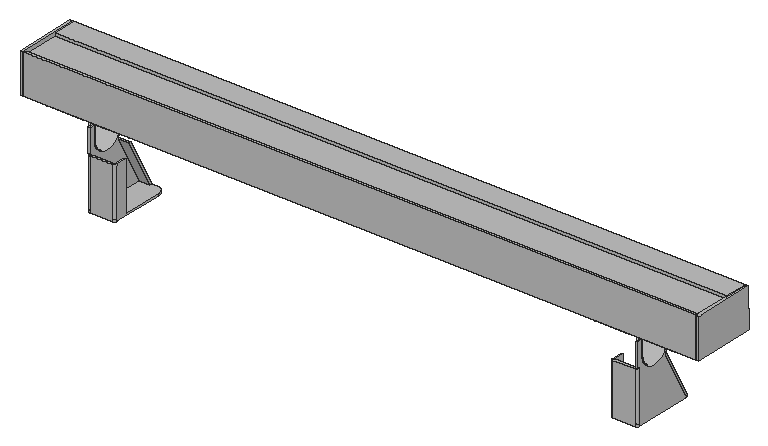
Revit family "4070750+4070747+4070771 Feilo Sylvania Lighting Fixtures CURSUS 591MM 365LM WIDE LED 3K with SINGLE WALL HOUSING with 70MM WALL BRACKET", category Lighting Fixtures, host Face, Revit 2017
Family settings
  Host = Face
  Round Connector Dimension = Use Diameter
  Part Type = Normal
  OmniClass Number = 23.80.70.14
  OmniClass Title = Luminaries for External Lighting
  Cut with Voids When Loaded = Yes
  Light Source = No
  Shared = No
  Room Calculation Point = No
Parameters (values of type "4070750 CURSUS 591MM 365LM WIDE LED 3K")
  Weight = "1.2 kg"
  Wattage Comments = "n/a"
  WarrantyStartDate [instance] = "n/a"
  WarrantyGuarantorParts = "n/a"
  WarrantyDurationUnit = "n/a"
  WarrantyDurationParts = "n/a"
  WarrantyDescription = "n/a"
  Voltage = 24 V
  URL = "http://www.sylvania-lighting.com"
  TypeName = "CURSUS 591MM 365LM WIDE LED 3K"
  TypeFixture_FEILO = CURSUS with SINGLE WALL HOUSING : CURSUS 591MM 365LM WIDE LED 3K
  Type Image = <None>
  Type Comments = "n/a"
  TiltAngle [instance] = 0.00°
  StartAngle [instance] = TiltAngle + 270.00°  # 270.00°
  SerialNumber [instance] = "n/a"
  ReflectorMaterial = none
  PowerFactor = 0
  PowerConsumption = "9 W"
  NominalLength = 591 mm
  NominalHeight = 50 mm
  NominalDepth = 30 mm
  Name = "CURSUS 591MM 365LM WIDE LED 3K"
  ModelReference = Name  # "CURSUS 591MM 365LM WIDE LED 3K"
  ModelNumber = "4070750"
  Model = Name  # "CURSUS 591MM 365LM WIDE LED 3K"
  Material = "natural anodised extruded aluminium structure housing"
  ManufacturerName = "Feilo Sylvania"
  Manufacturer = "Feilo Sylvania"
  LuminousEfficacy = "40.55 lm/W"
  LuminaireType = ""
  LightOutputRatio = "100"
  LampsType = Lamp  # "LED"
  LampNominalLuminous = "365 lm"
  LampMacAdamStep = "n/a"
  LampColourTemperature = "3000 K"
  LampColourRenderingIndex = "80"
  Lamp = "LED"
  Keynote = "16500"
  InstallationDate [instance] = "n/a"
  InputVoltage = "24V DC"
  InputNominalFrequency = "n/a"
  IngressProtection = "IP67"
  ImpactProtectionIndex = "IK07"
  IfcExportType = "IfcLightFixtureType"
  IfcExportAs = "IfcLightFixtureType"
  ExpectedLife = 50000
  EndAngle [instance] = StartAngle - 180.00°  # 90.00°
  ElectricShockClassification = "Class III"
  DurationUnit = "hours"
  DocumentationLiterature = "http://www.sylvania-lighting.com/product/en-int/products/4070750"
  DimmingControlOptions = "n/a"
  DiffuserMaterial = Diffuser-Sylvania-Glow
  Description = "LED Exterior Lighting Recessed Surface Mounted Linear Fixture, Natural anodised extruded aluminium structure. Die-cast aluminium end caps. Installation kit with harmonic steel springs., 365 lm, 9W, 40lm/W, 3000K, CRI80+,non dimmable,IP67, IK07, (HxWxD) 591x50x30mm, 3 step Mac Adam Ellipse, 1.2kg,, Classe III, 21-25V-DC, energy class : A++, A+, A"
  Default Elevation = 1219.2 mm
  CreatedOn = "1/8/2018"
  CreatedBy = ""
  Cost = 0
  built-in parameter 1114216 [instance] = (empty or 0)
  ClassificationValue = "EF_70_80"
  ClassificationName = "Uniclass2015"
  BracketWidth = 24 mm
  BracketThickness = 2 mm
  BracketHeightEnd = 32 mm
  BracketHeight = 55 mm
  BracketFlange = BracketHeight / 5  # 11 mm
  BracketExtension = 70 mm
  BracketEndReduction = 25 mm
  BracketC = 22 mm  # constant formula
  BracketDistance = 460 mm
  BracketD = BracketHeightEnd - (BracketC * (BracketHeight - BracketHeightEnd) / (BracketExtension - BracketEndReduction))  # 20.756 mm
  BodyMaterial = Body-Sylvania-Gray
  BarCode [instance] = "n/a"
  AssetType = "Fixed"
  AssetIdentifier [instance] = "n/a"
  Assembly Code = "D5020200"
  Apparent Load = 9 VA
  AccessoryMaterial = Diffuser-Sylvania-Glow
Reference planes
  plane 1 "Center (Front/Back)": y = 0
  plane 2: z = 0
  plane 3 "Center (Left/Right)": x = 0
  plane 4: x = -242
  plane 5: x = 242
  plane 6: y = 55
  plane 7: x = -218
  plane 8: x = 218
  plane 9: z = 70
  plane 10: z = 56
  plane 11: z = 2
  plane 12: z = 45
  plane 13: x = -240
  plane 14: y = 53
  plane 15: y = 2
  plane 16: x = -220
  plane 17: x = 220
  plane 18: x = 240
  plane 19: x = -230
  plane 20: x = 230
  plane 21: y = 11
  plane 22: y = 32
  plane 23: y = 30
  plane 24: z = 67
  plane 25: y = 20.756
  plane 26: y = 16
Forms (mm)
  Blend 1, solid, material "Body-Sylvania-Gray" <- "BodyMaterial"
    base sketch origin (1223.4, -4572, 2) x (0, -1, 0) y (1, 0, 0)
      loop
        line (-4625, -1453.4) -> (-4627, -1453.4) -> (-4627, -1463.4)
        arc (-4627, -1463.4) -> (-4626.414, -1464.814) -> (-4625, -1465.4) r 2
        line (-4625, -1465.4) -> (-4574, -1465.4)
        arc (-4574, -1465.4) -> (-4572.586, -1464.814) -> (-4572, -1463.4) r 2
        line (-4572, -1463.4) -> (-4572, -1443.4)
        arc (-4572, -1443.4) -> (-4572.586, -1441.986) -> (-4574, -1441.4) r 2
        line (-4574, -1441.4) -> (-4583, -1441.4) -> (-4583, -1443.4) -> (-4574, -1443.4) -> (-4574, -1463.4) -> (-4625, -1463.4) -> (-4625, -1453.4)
    top sketch origin (1223.4, -4572, 2) x (0, -1, 0) y (1, 0, 0)
      loop
        line (-4583, -1443.4) -> (-4574, -1443.4) -> (-4574, -1463.4) -> (-4602, -1463.4) -> (-4602, -1453.4) -> (-4604, -1453.4) -> (-4604, -1463.4)
        arc (-4604, -1463.4) -> (-4603.52, -1464.71) -> (-4602.309, -1465.4) r 2.028
        line (-4602.309, -1465.4) -> (-4574, -1465.4)
        arc (-4574, -1465.4) -> (-4572.586, -1464.814) -> (-4572, -1463.4) r 2
        line (-4572, -1463.4) -> (-4572, -1443.4)
        arc (-4572, -1443.4) -> (-4572.586, -1441.986) -> (-4574, -1441.4) r 2
        line (-4574, -1441.4) -> (-4583, -1441.4) -> (-4583, -1443.4)
    from 0 to 43
  Extrusion 2, solid, material "Body-Sylvania-Gray" <- "BodyMaterial"
    sketch origin (0, 0, 0) x (1, 0, 0) y (0, 1, 0)
      loop
        arc (-240, 55) -> (-241.414, 54.414) -> (-242, 53) r 2
        line (-242, 53) -> (-242, 2)
        arc (-242, 2) -> (-241.414, 0.586) -> (-240, 0) r 2
        line (-240, 0) -> (-220, 0)
        arc (-220, 0) -> (-218.586, 0.586) -> (-218, 2) r 2
        line (-218, 2) -> (-218, 47.5)
        arc (-218, 47.5) -> (-220.197, 52.803) -> (-225.5, 55) r 7.5
        line (-225.5, 55) -> (-240, 55)
      loop
        line (240, 55) -> (225.5, 55)
        arc (225.5, 55) -> (220.197, 52.803) -> (218, 47.5) r 7.5
        line (218, 47.5) -> (218, 2)
        arc (218, 2) -> (218.586, 0.586) -> (220, 0) r 2
        line (220, 0) -> (240, 0)
        arc (240, 0) -> (241.414, 0.586) -> (242, 2) r 2
        line (242, 2) -> (242, 53)
        arc (242, 53) -> (241.414, 54.414) -> (240, 55) r 2
    from 0 to 2
  Blend 3, solid, material "Body-Sylvania-Gray" <- "BodyMaterial"
    base sketch origin (1223.4, -4572, 2) x (0, -1, 0) y (1, 0, 0)
      loop
        line (-4625, -983.4) -> (-4574, -983.4) -> (-4574, -1003.4) -> (-4583, -1003.4) -> (-4583, -1005.4) -> (-4574, -1005.4)
        arc (-4574, -1005.4) -> (-4572.586, -1004.814) -> (-4572, -1003.4) r 2
        line (-4572, -1003.4) -> (-4572, -983.4)
        arc (-4572, -983.4) -> (-4572.586, -981.986) -> (-4574, -981.4) r 2
        line (-4574, -981.4) -> (-4625, -981.4)
        arc (-4625, -981.4) -> (-4626.414, -981.986) -> (-4627, -983.4) r 2
        line (-4627, -983.4) -> (-4627, -993.4) -> (-4625, -993.4) -> (-4625, -983.4)
    top sketch origin (1223.4, -4572, 2) x (0, -1, 0) y (1, 0, 0)
      loop
        line (-4602, -993.4) -> (-4602, -983.4) -> (-4574, -983.4) -> (-4574, -1003.4) -> (-4583, -1003.4) -> (-4583, -1005.4) -> (-4574, -1005.4)
        arc (-4574, -1005.4) -> (-4572.586, -1004.814) -> (-4572, -1003.4) r 2
        line (-4572, -1003.4) -> (-4572, -983.4)
        arc (-4572, -983.4) -> (-4572.586, -981.986) -> (-4574, -981.4) r 2
        line (-4574, -981.4) -> (-4602, -981.4)
        arc (-4602, -981.4) -> (-4603.414, -981.986) -> (-4604, -983.4) r 2
        line (-4604, -983.4) -> (-4604, -993.4) -> (-4602, -993.4)
    from 0 to 43
  Blend 4, solid, material "Body-Sylvania-Gray" <- "BodyMaterial"
    base sketch origin (1223.4, -4572, 45) x (0, -1, 0) y (1, 0, 0)
      loop
        line (-4604, -1465.4) -> (-4572, -1465.4) -> (-4572, -1463.4) -> (-4604, -1463.4) -> (-4604, -1465.4)
    top sketch origin (1223.4, -4572, 45) x (0, -1, 0) y (1, 0, 0)
      loop
        line (-4572, -1465.4) -> (-4572, -1463.4) -> (-4592.756, -1463.4) -> (-4592.756, -1465.4) -> (-4572, -1465.4)
    from 0 to 22
  Blend 5, solid, material "Body-Sylvania-Gray" <- "BodyMaterial"
    base sketch origin (1223.4, -4572, 45) x (0, -1, 0) y (1, 0, 0)
      loop
        line (-4604, -983.4) -> (-4572, -983.4) -> (-4572, -981.4) -> (-4604, -981.4) -> (-4604, -983.4)
    top sketch origin (1223.4, -4572, 45) x (0, -1, 0) y (1, 0, 0)
      loop
        line (-4572, -981.4) -> (-4592.756, -981.4) -> (-4592.756, -983.4) -> (-4572, -983.4) -> (-4572, -981.4)
    from 0 to 22
  Extrusion 6, void
    sketch origin (0, 0, 0) x (0, 1, 0) y (0, 0, 1)
      loop
        line (0, 45) -> (2, 45) -> (2, 46.5) -> (0, 46.5) -> (0, 45)
      loop
        line (32, 45) -> (32, 46.5) -> (30, 46.5) -> (30, 45) -> (32, 45)
    from -242 to 242
  Revolve 7, solid, not visible
    sketch origin (1524, 16, 1219.2) x (1, 0, 0) y (0, 0, 1)
      loop
        line (-1524, -1152.2) -> (-1524, -1163.2) -> (-1294, -1163.2) -> (-1294, -1152.2) -> (-1524, -1152.2)
      axis (-1294, -1163.2) -> (-1524, -1163.2)
    angle from 270 <- "StartAngle" to 90 <- "EndAngle"
Cuts and joins
  Extrusion 6 cuts Blend 4
  Extrusion 6 cuts Blend 5
  joined: Blend 1, Extrusion 2, Blend 3, Blend 4, Blend 5
Lines and regions (mm)
  reference lines, not visible
    curve 1: line (-218, 16, 56) -> (218, 16, 56)
Dimensions and locks
  equal spacing: plane 4, plane 3 "Center (Left/Right)", plane 5
  "BracketDistance": plane 19 to plane 20
  "BracketHeight": plane 1 "Center (Front/Back)" to plane 6
  equal spacing: plane 7, plane 3 "Center (Left/Right)", plane 8
  "BracketWidth": plane 4 to plane 7
  "BracketExtension": plane 9 to plane 2
  "BracketThickness": plane 11 to plane 2
  "BracketEndReduction": plane 9 to plane 12
  equal spacing: plane 13, plane 3 "Center (Left/Right)", plane 18
  equal spacing: plane 16, plane 3 "Center (Left/Right)", plane 17
  "BracketThickness": plane 4 to plane 13
  "BracketThickness": plane 16 to plane 7
  "BracketThickness": plane 14 to plane 6
  "BracketThickness": plane 1 "Center (Front/Back)" to plane 15
  equal spacing: plane 4, plane 19, plane 7
  equal spacing: plane 8, plane 20, plane 5
  "BracketFlange": plane 1 "Center (Front/Back)" to plane 21
  "BracketHeightEnd": plane 1 "Center (Front/Back)" to plane 22
  "BracketThickness": plane 23 to plane 22
  locked: Extrusion 2 sketch curve to plane 7 at 7.5
  locked: Extrusion 2 sketch curve to plane 6 at 7.5  (x2)
  locked: plane 8 to Extrusion 2 sketch curve at 7.5
  "BracketC": plane 24 to plane 12
  "BracketD": plane 1 "Center (Front/Back)" to plane 25
  locked: plane 12 to Extrusion 6 sketch curve at 1.5
  equal spacing: plane 24, plane 10, plane 12
  equal spacing: plane 1 "Center (Front/Back)", plane 26, plane 22
  aligned and locked: plane 2 to host face
  aligned and locked: level to host face
  aligned and locked: plane 4 to Blend 1 sketch curve  (x2)
  aligned and locked: plane 13 to Blend 1 sketch curve  (x3)
  aligned and locked: Blend 1 sketch curve to plane 15
  aligned and locked: Blend 1 sketch curve to plane 16
  aligned and locked: Blend 1 sketch curve to plane 21
  aligned and locked: plane 7 to Blend 1 sketch curve
  aligned and locked: plane 16 to Blend 1 sketch curve
  aligned and locked: plane 1 "Center (Front/Back)" to Blend 1 sketch curve
  aligned and locked: plane 14 to Blend 1 sketch curve
  aligned and locked: Blend 1 sketch curve to var sketch  (x6)
  aligned and locked: Blend 1 sketch curve to plane 19
  aligned and locked: Blend 1 sketch curve to plane 22
  aligned and locked: plane 23 to Blend 1 sketch curve
  aligned and locked: plane 11 to Blend 1
  aligned and locked: Extrusion 2 sketch curve to Blend 1  (x3)
  aligned and locked: Extrusion 2 to level
  aligned and locked: Extrusion 2 to plane 11
  aligned and locked: Extrusion 2 sketch curve to plane 7
  aligned and locked: plane 18 to Blend 3 sketch curve  (x4)
  aligned and locked: plane 14 to Blend 3 sketch curve  (x2)
  aligned and locked: Blend 3 sketch curve to plane 20
  aligned and locked: Blend 3 sketch curve to plane 6
  aligned and locked: plane 5 to Blend 3 sketch curve
  aligned and locked: plane 1 "Center (Front/Back)" to Blend 3 sketch curve
  aligned and locked: plane 15 to Blend 3 sketch curve  (x2)
  aligned and locked: Blend 3 sketch curve to plane 8
  aligned and locked: Blend 3 sketch curve to plane 21
  aligned and locked: plane 17 to Blend 3 sketch curve
  aligned and locked: Blend 3 sketch curve to plane 18
  aligned and locked: plane 20 to Blend 3 sketch curve  (x2)
  aligned and locked: Blend 3 sketch curve to plane 23
  aligned and locked: Blend 3 sketch curve to var sketch  (x8)
  aligned and locked: var sketch to Blend 3 sketch curve
  aligned and locked: plane 22 to Blend 3 sketch curve
  aligned and locked: plane 11 to Blend 3
  aligned and locked: Extrusion 2 sketch curve to Blend 3  (x4)
  aligned and locked: Blend 1 to plane 12
  aligned and locked: Blend 3 to plane 12
  aligned and locked: Blend 4 sketch curve to plane 22
  aligned and locked: Blend 4 sketch curve to cut or joined group of Blend 1, Extrusion 2, Blend 3, Blend 4, Blend 5, Extrusion 6  (x2)
  aligned and locked: cut or joined group of Blend 1, Extrusion 2, Blend 3, Blend 4, Blend 5, Extrusion 6 to Blend 4 sketch curve
  aligned and locked: Blend 4 sketch curve to var sketch  (x2)
  aligned and locked: Blend 4 sketch curve to plane 13
  aligned and locked: Blend 4 to plane 24
  aligned and locked: Blend 4 sketch curve to plane 25
  aligned and locked: Blend 5 sketch curve to plane 18  (x2)
  aligned and locked: plane 1 "Center (Front/Back)" to Blend 5 sketch curve
  aligned and locked: plane 5 to Blend 5 sketch curve
  aligned and locked: plane 22 to Blend 5 sketch curve
  aligned and locked: Blend 5 sketch curve to var sketch
  aligned and locked: var sketch to Blend 5 sketch curve
  aligned and locked: Blend 5 sketch curve to plane 25
  aligned and locked: Blend 5 to plane 24
  aligned and locked: plane 12 to Blend 5
  aligned and locked: Extrusion 6 sketch curve to cut or joined group of Blend 1, Extrusion 2, Blend 3, Blend 4, Blend 5, Extrusion 6  (x2)
  aligned and locked: Extrusion 6 sketch curve to Extrusion 6 sketch curve
  aligned and locked: Extrusion 6 sketch curve to plane 15
  aligned and locked: plane 5 to Extrusion 6
  aligned and locked: Extrusion 6 to plane 4
  aligned and locked: Extrusion 6 sketch curve to plane 23
  aligned and locked: Revolve 7 sketch curve to plane 10  (x2)
  aligned and locked: plane 24 to Revolve 7 sketch curve
  aligned and locked: plane 3 "Center (Left/Right)" to Revolve 7 sketch curve
  aligned and locked: Revolve 7 sketch curve to plane 20
  aligned and locked: plane 7 to curve 1
  aligned and locked: plane 10 to curve 1
  aligned and locked: nested 1 to plane 5
  aligned and locked: nested 2 to plane 4
  aligned and locked: nested 1 to curve 1
  aligned and locked: nested 2 to curve 1
  aligned and locked: nested 1 to nested 3
  aligned and locked: nested 3 to plane 3 "Center (Left/Right)"
Automatic sketch dimensions
  host sketch curve to host sketch curve = 2438.4 mm  (x2)
  Blend 1 sketch curve to plane 13 = 0 mm
  plane 15 to Blend 1 sketch curve = 0 mm  (x3)
  Blend 1 sketch curve to plane 23 = 0.309 mm
  plane 6 to Blend 1 sketch curve = 0 mm
  plane 14 to Blend 1 sketch curve = 0 mm
  Blend 1 sketch curve to plane 19 = 0 mm
  Blend 3 sketch curve to plane 17 = 0 mm
  Extrusion 6 sketch curve to plane 1 "Center (Front/Back)" = 0 mm
  plane 12 to Extrusion 6 sketch curve = 0 mm
  Revolve 7 sketch curve to plane 4 = 1153 mm
  plane 5 to Revolve 7 sketch curve = 1161.4 mm
  curve 1 to plane 8 = 0 mm
Nested families
  nested 1: "MountingPlate" at (241, 16, 56) x (-1, 0, 0) z (0, 0, 1), type "MountingPlate"
  nested 2: "MountingPlate" at (-241, 16, 56) x (-1, 0, 0) z (0, 0, 1), type "MountingPlate"
  nested 3: "CURSUS with SINGLE WALL HOUSING" at (0, -4, 74) x (-1, 0, 0) z (0, 0, 1), type <- "TypeFixture_FEILO", type "CURSUS 591MM 365LM WIDE LED 3K"
    with WarrantyStartDate "n/a", SerialNumber "n/a", InstallationDate "n/a", EndCapRight yes, EndCapLeft yes, built-in parameter 1114216 (empty or 0), BarCode "n/a", AssetIdentifier "n/a"
Connectors
  electrical at (0, 0, 0), driven by "Voltage", driven by "Apparent Load", driven by "PowerFactor"
    settings: index 1, voltage 24 V, apparent load 9 VA, apparent load phase1 0 VA, apparent load phase2 0 VA, apparent load phase3 0 VA, power factor 0, load classification "Other", number of poles 1, system type 30, power factor state 1, is connector primary yes, connector utility no, sub classification motor no, connector description ""
Definition of nested family "MountingPlate"
  Parameters (values of type "MountingPlate")
    URL = "http://www.feilosylvania.com"
    Type Comments = "n/a"
    ReflectorMaterial = none
    MountingPlateWidth = 76 mm
    MountingPlateThickness = 2 mm
    MountingPlateRadiusBack = 12 mm
    MountingPlateRadius = 3 mm
    MountingPlateHeight = 35 mm
    Model = "n/a"
    Manufacturer = "Feilo Sylvania"
    Keynote = "n/a"
    DiffuserMaterial = none
    Description = "n/a"
    Default Elevation = 1219.2 mm
    Cost = 0
    BodyMaterial = none
    Assembly Code = "n/a"
    AccessoryMaterial = none
  Reference planes
    plane 1 "Center (Front/Back)": y = 0
    plane 2: z = 0
    plane 3 "Center (Left/Right)": x = 0
    plane 4: x = -38
    plane 5: x = 38
    plane 6: y = 17.5
    plane 7: y = -17.5
    plane 8: x = -3
    plane 9: x = 3
    plane 10: z = 18
    plane 11: z = 16
    plane 12: y = 12.5
    plane 13: y = -12.5
    plane 14: x = -1
    plane 15: x = 1
    plane 16: z = -12.5
    plane 17: z = -14.5
  Forms (mm)
    Extrusion 1, solid
      sketch origin (1.653, 0, 0) x (1, 0, 0) y (0, 1, 0)
        loop
          line (-1219.2, 1219.2) -> (-1219.2, -1219.2) -> (1219.2, -1219.2) -> (1219.2, 1219.2) -> (-1219.2, 1219.2)
      from 0 to -304.8
    Extrusion 2, solid, material <- "BodyMaterial"
      sketch origin (1218.4, -4572, 16) x (0, -1, 0) y (-1, 0, 0)
        loop
          line (-4589.5, 1253.4) -> (-4589.5, 1224.4)
          arc (-4589.5, 1224.4) -> (-4588.621, 1222.279) -> (-4586.5, 1221.4) r 3
          line (-4586.5, 1221.4) -> (-4557.5, 1221.4)
          arc (-4557.5, 1221.4) -> (-4555.379, 1222.279) -> (-4554.5, 1224.4) r 3
          line (-4554.5, 1224.4) -> (-4554.5, 1253.4)
          arc (-4554.5, 1253.4) -> (-4555.379, 1255.521) -> (-4557.5, 1256.4) r 3
          line (-4557.5, 1256.4) -> (-4586.5, 1256.4)
          arc (-4586.5, 1256.4) -> (-4588.621, 1255.521) -> (-4589.5, 1253.4) r 3
        loop
          arc (-4589.5, 1183.4) -> (-4588.621, 1181.279) -> (-4586.5, 1180.4) r 3
          line (-4586.5, 1180.4) -> (-4557.5, 1180.4)
          arc (-4557.5, 1180.4) -> (-4555.379, 1181.279) -> (-4554.5, 1183.4) r 3
          line (-4554.5, 1183.4) -> (-4554.5, 1212.4)
          arc (-4554.5, 1212.4) -> (-4555.379, 1214.521) -> (-4557.5, 1215.4) r 3
          line (-4557.5, 1215.4) -> (-4586.5, 1215.4)
          arc (-4586.5, 1215.4) -> (-4588.621, 1214.521) -> (-4589.5, 1212.4) r 3
          line (-4589.5, 1212.4) -> (-4589.5, 1183.4)
      from 0 to -2
    Extrusion 3, solid, material <- "BodyMaterial"
      sketch origin (0, 0, 0) x (1, 0, 0) y (0, 0, 1)
        loop
          line (-3, 18) -> (-3, -12.5) -> (-1, -12.5) -> (-1, 16)
          arc (-1, 16) -> (-1.586, 17.414) -> (-3, 18) r 2
        loop
          line (3, -12.5) -> (3, 18)
          arc (3, 18) -> (1.586, 17.414) -> (1, 16) r 2
          line (1, 16) -> (1, -12.5) -> (3, -12.5)
      from -12.5 to 12.5
    Extrusion 4, void
      sketch origin (0, 0, 0) x (0, 1, 0) y (0, 0, 1)
        loop
          line (-12.5, -0.5) -> (-17.5, -0.5) -> (-17.5, -14.5) -> (-0.5, -14.5) -> (-0.5, -12.5)
          arc (-0.5, -12.5) -> (-8.985, -8.985) -> (-12.5, -0.5) r 12
        loop
          line (0.5, -12.5) -> (0.5, -14.5) -> (17.5, -14.5) -> (17.5, -0.5) -> (12.5, -0.5)
          arc (12.5, -0.5) -> (8.985, -8.985) -> (0.5, -12.5) r 12
      from -3 to 3
  Cuts and joins
    Extrusion 4 cuts Extrusion 2
    Extrusion 4 cuts Extrusion 3
    joined: Extrusion 2, Extrusion 3
  Lines and regions (mm)
    reference lines
      curve 1: line (-38, 0, 0) -> (38, 0, 0)
  Dimensions and locks
    equal spacing: plane 4, plane 3 "Center (Left/Right)", plane 5
    "MountingPlateWidth": plane 4 to plane 5
    equal spacing: plane 7, plane 1 "Center (Front/Back)", plane 6
    "MountingPlateHeight": plane 7 to plane 6
    equal spacing: plane 8, plane 3 "Center (Left/Right)", plane 9
    "MountingPlateHeight": plane 4 to plane 8
    locked: plane 10 to plane 2 at 18
    "MountingPlateThickness": plane 10 to plane 11
    equal spacing: plane 13, plane 1 "Center (Front/Back)", plane 12
    locked: plane 13 to plane 12 at 25
    "MountingPlateRadius": plane 4 to Extrusion 2 sketch curve  (x2)
    "MountingPlateRadius": Extrusion 2 sketch curve to plane 6  (x4)
    "MountingPlateRadius": Extrusion 2 sketch curve to plane 8  (x2)
    "MountingPlateRadius": plane 7 to Extrusion 2 sketch curve  (x4)
    "MountingPlateRadius": plane 9 to Extrusion 2 sketch curve  (x2)
    "MountingPlateRadius": Extrusion 2 sketch curve to plane 5  (x2)
    equal spacing: plane 15, plane 3 "Center (Left/Right)", plane 14
    "MountingPlateThickness": plane 14 to plane 8
    locked: plane 2 to plane 16 at 12.5
    locked: plane 17 to plane 16 at 2
    "MountingPlateRadiusBack": plane 13 to Extrusion 4 sketch curve
    "MountingPlateRadiusBack": plane 16 to Extrusion 4 sketch curve  (x2)
    "MountingPlateRadiusBack": Extrusion 4 sketch curve to plane 12
    aligned and locked: plane 2 to Extrusion 1
    aligned and locked: level to Extrusion 1
    aligned and locked: Extrusion 2 sketch curve to plane 6
    aligned and locked: Extrusion 2 sketch curve to plane 4
    aligned and locked: plane 7 to Extrusion 2 sketch curve
    aligned and locked: plane 8 to Extrusion 2 sketch curve
    aligned and locked: plane 6 to Extrusion 2 sketch curve
    aligned and locked: Extrusion 2 sketch curve to plane 5
    aligned and locked: Extrusion 2 sketch curve to plane 7
    aligned and locked: plane 9 to Extrusion 2 sketch curve
    aligned and locked: Extrusion 2 to plane 10
    aligned and locked: plane 11 to Extrusion 2
    aligned and locked: Extrusion 3 sketch curve to Extrusion 2  (x2)
    aligned and locked: plane 16 to Extrusion 3 sketch curve  (x2)
    aligned and locked: plane 14 to Extrusion 3 sketch curve
    aligned and locked: plane 9 to Extrusion 3 sketch curve
    aligned and locked: plane 15 to Extrusion 3 sketch curve
    aligned and locked: Extrusion 3 to plane 12
    aligned and locked: plane 13 to Extrusion 3
    aligned and locked: plane 17 to Extrusion 4 sketch curve  (x2)
    aligned and locked: Extrusion 4 sketch curve to plane 7
    aligned and locked: Extrusion 4 sketch curve to plane 6
    aligned and locked: plane 9 to Extrusion 4
    aligned and locked: Extrusion 4 to plane 8
    aligned and locked: plane 4 to curve 1
    aligned and locked: curve 1 to level
  Automatic sketch dimensions
    Extrusion 1 sketch curve to Extrusion 1 sketch curve = 2438.4 mm  (x2)
    Extrusion 3 sketch curve to plane 11 = 0 mm
    curve 1 to plane 5 = 0 mm
    Extrusion 4 sketch curve to plane 13 = 0 mm
    Extrusion 4 sketch curve to plane 12 = 0 mm
Definition of nested family "CURSUS with SINGLE WALL HOUSING"
  Parameters (values of type "CURSUS 1161MM 827LM OVAL LED 3K")
    Width_FEILO = 35 mm
    Weight = "2.2 kg"
    Wattage Comments = "n/a"
    Wattage = 18 W
    WarrantyStartDate [instance] = "n/a"
    WarrantyGuarantorParts = "n/a"
    WarrantyDurationUnit = "n/a"
    WarrantyDurationParts = "n/a"
    WarrantyDescription = "n/a"
    WallThickness_FEILO = 2.5 mm
    built-in parameter 1150110 = 1 (stored number, unit not read)
    Voltage = 24 V
    URL = "http://www.feilosylvania.com"
    TypeName = "CURSUS 1161MM 827LM OVAL LED 3K"
    Type Image = (empty or 0)
    Type Comments = "n/a"
    built-in parameter 1114217 = 1 (stored number, unit not read)
    Tilt Angle = -90.00°
    built-in parameter 1150109 = 1 (stored number, unit not read)
    built-in parameter 1150134 = (empty or 0)
    built-in parameter 1150113 = 1 (stored number, unit not read)
    SerialNumber [instance] = "n/a"
    ReflectorMaterial = none
    PowerFactor = 0
    PowerConsumption = "18 W"
    Photometric Web File = "4070765.ies"
    NominalLength = 1161 mm
    NominalHeight = 50 mm
    NominalDepth = 30 mm
    Name = "CURSUS 1161MM 827LM OVAL LED 3K"
    ModelReference = Name  # "CURSUS 1161MM 827LM OVAL LED 3K"
    ModelNumber = ""
    Model = Name  # "CURSUS 1161MM 827LM OVAL LED 3K"
    Material = "natural anodised extruded aluminium structure housing, optical system with pmma lenses diffuser"
    ManufacturerName = "Feilo Sylvania"
    Manufacturer = "Feilo Sylvania"
    LuminousEfficacy = "45.94 lm/W"
    built-in parameter 1150105 = 1166.5 (stored number, unit not read)
    Lumens = 827 lm
    LuminaireType = ""
    built-in parameter 1150115 = 1 (stored number, unit not read)
    LightOutputRatio = "100"
    built-in parameter 1150137 = (empty or 0)
    built-in parameter 1150139 = (empty or 0)
    Length_FEILO = 1167 mm
    LampsType = Lamp  # "LED"
    LampNominalLuminous = "827 lm"
    LampMacAdamStep = "n/a"
    LampColourTemperature = "3000 K"
    LampColourRenderingIndex = "80"
    built-in parameter 1150112 = 1 (stored number, unit not read)
    built-in parameter 1150114 = 1 (stored number, unit not read)
    Lamp = "LED"
    Keynote = "16500"
    InstallationDate [instance] = "n/a"
    InputVoltage = "24V DC"
    InputNominalFrequency = "n/a"
    built-in parameter 1150132 = (empty or 0)
    built-in parameter 1150102 = (empty or 0)
    built-in parameter 1150107 = 3000 (stored number, unit not read)
    built-in parameter 1150138 = (empty or 0)
    IngressProtection = "IP67"
    ImpactProtectionIndex = "IK07"
    built-in parameter 1150106 = 11.665 (stored number, unit not read)
    IfcExportType = "IfcLightFixtureType"
    IfcExportAs = "IfcLightFixtureType"
    ExpectedLife = 50000
    EndCapRight [instance] = yes
    EndCapLeft [instance] = yes
    Emit from Rectangle Width = Width_FEILO - WallThickness_FEILO * 2  # 30 mm
    Emit from Rectangle Length = Length_FEILO - WallThickness_FEILO * 2  # 1162 mm
    Emit Shape Visible in Rendering = no
    ElectricShockClassification = "Class III"
    built-in parameter 1150104 = 4.2684 (stored number, unit not read)
    DurationUnit = "hours"
    DocumentationLiterature = "http://www.feilosylvania.com/product/en-int/products/4070765"
    DimmingControlOptions = "n/a"
    Dimming Lamp Color Temperature Shift = (empty or 0)
    DiffuserMaterial = none
    Description = "LED Exterior Lighting Recessed Surface Mounted Linear Fixture, Natural anodised extruded aluminium structure. Die-cast aluminium end caps. Installation kit with harmonic steel springs., 827 lm, 18W, 45lm/W, 3000K, CRI80+,non dimmable,IP67, IK07, (HxWxD) 1161x50x30mm, 3 step Mac Adam Ellipse, 2.2kg,, Classe III, 21-25V-DC, energy class : A++, A+, A"
    Default Elevation = 1219.2 mm
    CreatedOn = "1/8/2018"
    CreatedBy = "aron.fodor@feilosylvania.com"
    Cost = 0
    Color Filter = 16777215
    built-in parameter 1114216 [instance] = (empty or 0)
    ClassificationValue = "EF_70_80"
    ClassificationName = "Uniclass2015"
    BodyMaterial = none
    BarCode [instance] = "n/a"
    built-in parameter 1114218 = 1 (stored number, unit not read)
    built-in parameter 1150133 = 10 (stored number, unit not read)
    AssetType = "Fixed"
    AssetIdentifier [instance] = "n/a"
    Assembly Code = "D5020200"
    Apparent Load = 18 VA
    AccessoryMaterial = none
  Types (16, lengths in mm): name | Weight | Wattage | Voltage | TypeName | built-in parameter 1150134 | PowerConsumption | Photometric Web File | NominalLength | Name | ModelReference | Model | Material | LuminousEfficacy | built-in parameter 1150105 | Lumens | Length_FEILO | LampNominalLuminous | LampColourTemperature | InputVoltage | InputNominalFrequency | built-in parameter 1150107 | built-in parameter 1150106 | Emit from Rectangle Length | built-in parameter 1150104 | DocumentationLiterature | Description | Apparent Load
    CURSUS 1161MM 827LM OVAL LED 3K | "2.2 kg" | 18 W | 24 V | "CURSUS 1161MM 827LM OVAL LED 3K" | (empty or 0) | "18 W" | "4070765.ies" | 1161 | "CURSUS 1161MM 827LM OVAL LED 3K" | "CURSUS 1161MM 827LM OVAL LED 3K" | "CURSUS 1161MM 827LM OVAL LED 3K" | "natural anodised extruded aluminium structure housing, optical system with pmma lenses diffuser" | "45.94 lm/W" | 1166.5 (stored number, unit not read) | 827 lm | 1167 | "827 lm" | "3000 K" | "24V DC" | "n/a" | 3000 (stored number, unit not read) | 11.665 (stored number, unit not read) | 1162 | 4.2684 (stored number, unit not read) | "http://www.feilosylvania.com/product/en-int/products/4070765" | "LED Exterior Lighting Recessed Surface Mounted Linear Fixture, Natural anodised extruded aluminium structure. Die-cast aluminium end caps. Installation kit with harmonic steel springs., 827 lm, 18W, 45lm/W, 3000K, CRI80+,non dimmable,IP67, IK07, (HxWxD) 1161x50x30mm, 3 step Mac Adam Ellipse, 2.2kg,, Classe III, 21-25V-DC, energy class : A++, A+, A" | 18 VA
    CURSUS 1161MM 731LM WIDE LED 3K | "2.2 kg" | 18 W | 230 V | "CURSUS 1161MM 731LM WIDE LED 3K" | (empty or 0) | "18 W" | "4070764.ies" | 1161 | "CURSUS 1161MM 731LM WIDE LED 3K" | "CURSUS 1161MM 731LM WIDE LED 3K" | "CURSUS 1161MM 731LM WIDE LED 3K" | "natural anodised extruded aluminium structure housing" | "40.61 lm/W" | 403.47 (stored number, unit not read) | 731 lm | 1167 | "731 lm" | "3000 K" | "220-240V~" | "n/a" | 3000 (stored number, unit not read) | 4.0347 (stored number, unit not read) | 1162 | 3.7729 (stored number, unit not read) | "http://www.feilosylvania.com/product/en-int/products/4070764" | "LED Exterior Lighting Recessed Surface Mounted Linear Fixture, Natural anodised extruded aluminium structure. Die-cast aluminium end caps. Installation kit with harmonic steel springs., 731 lm, 18W, 40lm/W, 3000K, CRI80+,non dimmable,IP67, IK07, (HxWxD) 1161x50x30mm, 3 step Mac Adam Ellipse, 2.2kg,, Classe III, 21-25V-DC, energy class : A++, A+, A" | 18 VA
    CURSUS 1161MM 871LM OVAL LED 4K | "2.2 kg" | 18 W | 24 V | "CURSUS 1161MM 871LM OVAL LED 4K" | 12 | "18 W" | "4070763.ies" | 1161 | "CURSUS 1161MM 871LM OVAL LED 4K" | "CURSUS 1161MM 871LM OVAL LED 4K" | "CURSUS 1161MM 871LM OVAL LED 4K" | "natural anodised extruded aluminium structure housing, optical system with pmma lenses diffuser" | "48.38 lm/W" | 1192.8 (stored number, unit not read) | 871 lm | 1167 | "871 lm" | "4000 K" | "24V DC" | "50/60 Hz" | 4000 (stored number, unit not read) | 11.928 (stored number, unit not read) | 1162 | 4.4955 (stored number, unit not read) | "http://www.feilosylvania.com/product/en-int/products/4070763" | "LED Exterior Lighting Recessed Surface Mounted Linear Fixture, Natural anodised extruded aluminium structure. Die-cast aluminium end caps. Installation kit with harmonic steel springs., 871 lm, 18W,  48lm/W, 4000K, CRI80+,non dimmable,IP67, IK07, (HxWxD) 1161x50x30mm, 3 step Mac Adam Ellipse, 2.2kg,, Classe III, 21-25V-DC, energy class : A++, A+, A" | 18 VA
    CURSUS 1161MM 770LM WIDE LED 4K | "2.2 kg" | 18 W | 230 V | "CURSUS 1161MM 770LM WIDE LED 4K" | 12 | "18 W" | "4070762.ies" | 1161 | "CURSUS 1161MM 770LM WIDE LED 4K" | "CURSUS 1161MM 770LM WIDE LED 4K" | "CURSUS 1161MM 770LM WIDE LED 4K" | "natural anodised extruded aluminium structure housing" | "42.77 lm/W" | 424.94 (stored number, unit not read) | 770 lm | 1167 | "770 lm" | "4000 K" | "220-240V~" | "n/a" | 4000 (stored number, unit not read) | 4.2494 (stored number, unit not read) | 1162 | 3.9742 (stored number, unit not read) | "http://www.feilosylvania.com/product/en-int/products/4070762" | "LED Exterior Lighting Recessed Surface Mounted Linear Fixture, Natural anodised extruded aluminium structure. Die-cast aluminium end caps. Installation kit with harmonic steel springs., 770 lm, 18W,  42lm/W, 4000K, CRI80+,non dimmable,IP67, IK07, (HxWxD) 1161x50x30mm, 3 step Mac Adam Ellipse, 2.2kg,, Classe III, 21-25V-DC, energy class : A++, A+, A" | 18 VA
    CURSUS 876MM 620LM OVAL LED 3K | "1.7 kg" | 13.5 W | 24 V | "CURSUS 876MM 620LM OVAL LED 3K" | (empty or 0) | "13.5 W" | "4070758.ies" | 876 | "CURSUS 876MM 620LM OVAL LED 3K" | "CURSUS 876MM 620LM OVAL LED 3K" | "CURSUS 876MM 620LM OVAL LED 3K" | "natural anodised extruded aluminium structure housing, optical system with pmma lenses diffuser" | "45.92 lm/W" | 874.55 (stored number, unit not read) | 620 lm | 882 | "620 lm" | "3000 K" | "24V DC" | "50/60 Hz" | 3000 (stored number, unit not read) | 8.7455 (stored number, unit not read) | 877 | 4.2667 (stored number, unit not read) | "http://www.feilosylvania.com/product/en-int/products/4070758" | "LED Exterior Lighting Recessed Surface Mounted Linear Fixture, Natural anodised extruded aluminium structure. Die-cast aluminium end caps. Installation kit with harmonic steel springs., 620 lm, 13,5W, 45lm/W, 3000K, CRI80+,non dimmable,IP67, IK07, (HxWxD) 876x50x30mm, 3 step Mac Adam Ellipse, 1.7kg,, Classe III, 21-25V-DC, energy class : A++, A+, A" | 13.5 VA
    CURSUS 876MM 548LM WIDE LED 3K | "1.7 kg" | 13.5 W | 24 V | "CURSUS 876MM 548LM WIDE LED 3K" | (empty or 0) | "13.5 W" | "4070757.ies" | 876 | "CURSUS 876MM 548LM WIDE LED 3K" | "CURSUS 876MM 548LM WIDE LED 3K" | "CURSUS 876MM 548LM WIDE LED 3K" | "natural anodised extruded aluminium structure housing" | "40.59 lm/W" | 302.47 (stored number, unit not read) | 548 lm | 882 | "548 lm" | "3000 K" | "24V DC" | "n/a" | 3000 (stored number, unit not read) | 3.0247 (stored number, unit not read) | 877 | 3.7712 (stored number, unit not read) | "http://www.feilosylvania.com/product/en-int/products/4070757" | "LED Exterior Lighting Recessed Surface Mounted Linear Fixture, Natural anodised extruded aluminium structure. Die-cast aluminium end caps. Installation kit with harmonic steel springs., 548 lm, 13,5W, 40lm/W, 3000K, CRI80+,non dimmable,IP67, IK07, (HxWxD) 876x50x30mm, 3 step Mac Adam Ellipse, 1.7kg,, Classe III, 21-25V-DC, energy class : A++, A+, A" | 13.5 VA
    CURSUS 876MM 653LM OVAL LED 4K | "1.7 kg" | 13.5 W | 24 V | "CURSUS 876MM 653LM OVAL LED 4K" | 12 | "13.5 W" | "4070756.ies" | 876 | "CURSUS 876MM 653LM OVAL LED 4K" | "CURSUS 876MM 653LM OVAL LED 4K" | "CURSUS 876MM 653LM OVAL LED 4K" | "natural anodised extruded aluminium structure housing, optical system with pmma lenses diffuser" | "48.37 lm/W" | 894.28 (stored number, unit not read) | 653 lm | 882 | "653 lm" | "4000 K" | "24V DC" | "n/a" | 4000 (stored number, unit not read) | 8.9428 (stored number, unit not read) | 877 | 4.4938 (stored number, unit not read) | "http://www.feilosylvania.com/product/en-int/products/4070756" | "LED Exterior Lighting Recessed Surface Mounted Linear Fixture, Natural anodised extruded aluminium structure. Die-cast aluminium end caps. Installation kit with harmonic steel springs., 653 lm, 13,5W,  48lm/W, 4000K, CRI80+,non dimmable,IP67, IK07, (HxWxD) 876x50x30mm, 3 step Mac Adam Ellipse, 1.7kg,, Classe III, 21-25V-DC, energy class : A++, A+, A" | 13.5 VA
    CURSUS 876MM 577LM WIDE LED 4K | "1.7 kg" | 13.5 W | 24 V | "CURSUS 876MM 577LM WIDE LED 4K" | 12 | "13.5 W" | "4070755.ies" | 876 | "CURSUS 876MM 577LM WIDE LED 4K" | "CURSUS 876MM 577LM WIDE LED 4K" | "CURSUS 876MM 577LM WIDE LED 4K" | "natural anodised extruded aluminium structure housing" | "42.74 lm/W" | 318.43 (stored number, unit not read) | 577 lm | 882 | "577 lm" | "4000 K" | "24V DC" | "n/a" | 4000 (stored number, unit not read) | 3.1843 (stored number, unit not read) | 877 | 3.9707 (stored number, unit not read) | "http://www.feilosylvania.com/product/en-int/products/4070755" | "LED Exterior Lighting Recessed Surface Mounted Linear Fixture, Natural anodised extruded aluminium structure. Die-cast aluminium end caps. Installation kit with harmonic steel springs., 577 lm, 13,5W,  42lm/W, 4000K, CRI80+,non dimmable,IP67, IK07, (HxWxD) 876x50x30mm, 3 step Mac Adam Ellipse, 1.7kg,, Classe III, 21-25V-DC, energy class : A++, A+, A" | 13.5 VA
    CURSUS 591MM 414LM OVAL LED 3K | "1.2 kg" | 9 W | 24 V | "CURSUS 591MM 414LM OVAL LED 3K" | (empty or 0) | "9 W" | "4070751.ies" | 591 | "CURSUS 591MM 414LM OVAL LED 3K" | "CURSUS 591MM 414LM OVAL LED 3K" | "CURSUS 591MM 414LM OVAL LED 3K" | "natural anodised extruded aluminium structure housing, optical system with pmma lenses diffuser" | "46 lm/W" | 583.97 (stored number, unit not read) | 414 lm | 597 | "414 lm" | "3000 K" | "24V DC" | "n/a" | 3000 (stored number, unit not read) | 5.8397 (stored number, unit not read) | 592 | 4.2735 (stored number, unit not read) | "http://www.feilosylvania.com/product/en-int/products/4070751" | "LED Exterior Lighting Recessed Surface Mounted Linear Fixture, Natural anodised extruded aluminium structure. Die-cast aluminium end caps. Installation kit with harmonic steel springs., 414 lm, 9W, 46lm/W, 3000K, CRI80+,non dimmable,IP67, IK07, (HxWxD) 591x50x30mm, 3 step Mac Adam Ellipse, 1.2kg,, Classe III, 21-25V-DC, energy class : A++, A+, A" | 9 VA
    CURSUS 591MM 365LM WIDE LED 3K | "1.2 kg" | 9 W | 24 V | "CURSUS 591MM 365LM WIDE LED 3K" | (empty or 0) | "9 W" | "4070750.ies" | 591 | "CURSUS 591MM 365LM WIDE LED 3K" | "CURSUS 591MM 365LM WIDE LED 3K" | "CURSUS 591MM 365LM WIDE LED 3K" | "natural anodised extruded aluminium structure housing" | "40.55 lm/W" | 201.45 (stored number, unit not read) | 365 lm | 597 | "365 lm" | "3000 K" | "24V DC" | "n/a" | 3000 (stored number, unit not read) | 2.0145 (stored number, unit not read) | 592 | 3.7677 (stored number, unit not read) | "http://www.feilosylvania.com/product/en-int/products/4070750" | "LED Exterior Lighting Recessed Surface Mounted Linear Fixture, Natural anodised extruded aluminium structure. Die-cast aluminium end caps. Installation kit with harmonic steel springs., 365 lm, 9W, 40lm/W, 3000K, CRI80+,non dimmable,IP67, IK07, (HxWxD) 591x50x30mm, 3 step Mac Adam Ellipse, 1.2kg,, Classe III, 21-25V-DC, energy class : A++, A+, A" | 9 VA
    CURSUS 591MM 435LM OVAL LED 4K | "1.2 kg" | 9 W | 24 V | "CURSUS 591MM 435LM OVAL LED 4K" | 12 | "9 W" | "4070749.ies" | 591 | "CURSUS 591MM 435LM OVAL LED 4K" | "CURSUS 591MM 435LM OVAL LED 4K" | "CURSUS 591MM 435LM OVAL LED 4K" | "natural anodised extruded aluminium structure housing, optical system with pmma lenses diffuser" | "48.33 lm/W" | 595.73 (stored number, unit not read) | 435 lm | 597 | "435 lm" | "4000 K" | "24V DC" | "n/a" | 4000 (stored number, unit not read) | 5.9573 (stored number, unit not read) | 592 | 4.4903 (stored number, unit not read) | "http://www.feilosylvania.com/product/en-int/products/4070749" | "LED Exterior Lighting Recessed Surface Mounted Linear Fixture, Natural anodised extruded aluminium structure. Die-cast aluminium end caps. Installation kit with harmonic steel springs., 435 lm, 9W, 48lm/W, 4000K, CRI80+,non dimmable,IP67, IK07, (HxWxD) 591x50x30mm, 3 step Mac Adam Ellipse, 1.2kg,, Classe III, 21-25V-DC, energy class : A++, A+, A" | 9 VA
    CURSUS 591MM 385LM WIDE LED 4K | "1.2 kg" | 9 W | 24 V | "CURSUS 591MM 385LM WIDE LED 4K" | 12 | "9 W" | "4070748.ies" | 591 | "CURSUS 591MM 385LM WIDE LED 4K" | "CURSUS 591MM 385LM WIDE LED 4K" | "CURSUS 591MM 385LM WIDE LED 4K" | "natural anodised extruded aluminium structure housing" | "42.77 lm/W" | 212.47 (stored number, unit not read) | 385 lm | 597 | "385 lm" | "4000 K" | "24V DC" | "n/a" | 4000 (stored number, unit not read) | 2.1247 (stored number, unit not read) | 592 | 3.9742 (stored number, unit not read) | "http://www.feilosylvania.com/product/en-int/products/4070748" | "LED Exterior Lighting Recessed Surface Mounted Linear Fixture, Natural anodised extruded aluminium structure. Die-cast aluminium end caps. Installation kit with harmonic steel springs., 385 lm, 9W,  42lm/W, 4000K, CRI80+,non dimmable,IP67, IK07, (HxWxD) 591x50x30mm, 3 step Mac Adam Ellipse, 1.2kg,, Classe III, 21-25V-DC, energy class : A++, A+, A" | 9 VA
    CURSUS 306MM 207LM OVAL LED3K | "0.6 kg" | 4.5 W | 24 V | "CURSUS 306MM 207LM OVAL LED3K" | (empty or 0) | "4.5 W" | "4070744.ies" | 306 | "CURSUS 306MM 207LM OVAL LED3K" | "CURSUS 306MM 207LM OVAL LED3K" | "CURSUS 306MM 207LM OVAL LED3K" | "natural anodised extruded aluminium structure housing, optical system with pmma lenses diffuser" | "46 lm/W" | 291.98 (stored number, unit not read) | 207 lm | 312 | "207 lm" | "3000 K" | "24V DC" | "n/a" | 3000 (stored number, unit not read) | 2.9198 (stored number, unit not read) | 307 | 4.2735 (stored number, unit not read) | "http://www.feilosylvania.com/product/en-int/products/4070744" | "LED Exterior Lighting Recessed Surface Mounted Linear Fixture, Natural anodised extruded aluminium structure. Die-cast aluminium end caps. Installation kit with harmonic steel springs., 207 lm, 4,5W, 46lm/W, 3000K, CRI80+,non dimmable,IP67, IK07, (HxWxD) 306x50x30mm, 3 step Mac Adam Ellipse, 0.6kg,, Classe III, 21-25V-DC, energy class : A++, A+, A" | 4.5 VA
    CURSUS 306MM 183LM WIDE LED 3K | "0.6 kg" | 4.5 W | 24 V | "CURSUS 306MM 183LM WIDE LED 3K" | (empty or 0) | "4.5 W" | "4070743.ies" | 306 | "CURSUS 306MM 183LM WIDE LED 3K" | "CURSUS 306MM 183LM WIDE LED 3K" | "CURSUS 306MM 183LM WIDE LED 3K" | "natural anodised extruded aluminium structure housing" | "40.66 lm/W" | 101.01 (stored number, unit not read) | 183 lm | 312 | "183 lm" | "3000 K" | "24V DC" | "n/a" | 3000 (stored number, unit not read) | 1.0101 (stored number, unit not read) | 307 | 3.7781 (stored number, unit not read) | "http://www.feilosylvania.com/product/en-int/products/4070743" | "LED Exterior Lighting Recessed Surface Mounted Linear Fixture, Natural anodised extruded aluminium structure. Die-cast aluminium end caps. Installation kit with harmonic steel springs., 183 lm, 4,5W, 40lm/W, 3000K, CRI80+,non dimmable,IP67, IK07, (HxWxD) 306x50x30mm, 3 step Mac Adam Ellipse, 0.6kg,, Classe III, 21-25V-DC, energy class : A++, A+, A" | 4.5 VA
    CURSUS 306MM 218LM OVAL LED 4K | "0.6 kg" | 4.5 W | 24 V | "CURSUS 306MM 218LM OVAL LED 4K" | 12 | "4.5 W" | "4070742.ies" | 306 | "CURSUS 306MM 218LM OVAL LED 4K" | "CURSUS 306MM 218LM OVAL LED 4K" | "CURSUS 306MM 218LM OVAL LED 4K" | "natural anodised extruded aluminium structure housing, optical system with pmma lenses diffuser" | "48.44 lm/W" | 298.55 (stored number, unit not read) | 218 lm | 312 | "218 lm" | "4000 K" | "24V DC" | "n/a" | 4000 (stored number, unit not read) | 2.9855 (stored number, unit not read) | 307 | 4.5006 (stored number, unit not read) | "http://www.feilosylvania.com/product/en-int/products/4070742" | "LED Exterior Lighting Recessed Surface Mounted Linear Fixture, Natural anodised extruded aluminium structure. Die-cast aluminium end caps. Installation kit with harmonic steel springs., 218 lm, 4,5W,  48lm/W, 4000K, CRI80+,non dimmable,IP67, IK07, (HxWxD) 306x50x30mm, 3 step Mac Adam Ellipse, 0.6kg,, Classe III, 21-25V-DC, energy class : A++, A+, A" | 4.5 VA
    CURSUS 306MM 192LM WIDE LED 4K | "0.6 kg" | 4.5 W | 24 V | "CURSUS 306MM 192LM WIDE LED 4K" | 12 | "4.5 W" | "4070741.ies" | 306 | "CURSUS 306MM 192LM WIDE LED 4K" | "CURSUS 306MM 192LM WIDE LED 4K" | "CURSUS 306MM 192LM WIDE LED 4K" | "natural anodised extruded aluminium structure housing" | "42.66 lm/W" | 105.96 (stored number, unit not read) | 192 lm | 312 | "192 lm" | "4000 K" | "24V DC" | "n/a" | 4000 (stored number, unit not read) | 1.0596 (stored number, unit not read) | 307 | 3.9639 (stored number, unit not read) | "http://www.feilosylvania.com/product/en-int/products/4070741" | "LED Exterior Lighting Recessed Surface Mounted Linear Fixture, Natural anodised extruded aluminium structure. Die-cast aluminium end caps. Installation kit with harmonic steel springs., 192 lm, 4,5W,  42lm/W, 4000K, CRI80+,non dimmable,IP67, IK07, (HxWxD) 306x50x30mm, 3 step Mac Adam Ellipse, 0.6kg,, Classe III, 21-25V-DC, energy class : A++, A+, A" | 4.5 VA
  Reference planes
    plane 1 "Center (Front/Back)": y = 0
    plane 2: z = 0
    plane 3 "Center (Left/Right)": x = 0
    plane 4: x = 583.5
    plane 5: x = -583.5
    plane 6: x = -581
    plane 7: x = 581
    plane 8: z = 35
    plane 9: z = 17.5
    plane 10: z = 32.5
    plane 11: z = 2.5
    plane 12: z = 30
    plane 13: z = 5
    plane 14: y = -55
    plane 15: y = -53
    plane 16: y = -2.5
    plane 17: y = -37
    plane 18: y = -34.5
  Forms (mm)
    Extrusion 1, solid
      sketch origin (4.2, 0, 0) x (1, 0, 0) y (0, 1, 0)
        loop
          line (-1219.2, 1219.2) -> (-1219.2, -1219.2) -> (1219.2, -1219.2) -> (1219.2, 1219.2) -> (-1219.2, 1219.2)
      from 0 to -304.8
    Extrusion 2, solid, material <- "BodyMaterial"
      sketch origin (0, 0, 0) x (0, 1, 0) y (0, 0, 1)
        loop
          line (0, 35) -> (-2.5, 35) -> (-2.5, 32.5) -> (-34.5, 32.5) -> (-34.5, 35) -> (-55, 35) -> (-55, 32.5) -> (-37, 32.5) -> (-37, 30) -> (-2.5, 30) -> (-2.5, 5) -> (-37, 5) -> (-37, 2.5) -> (-55, 2.5) -> (-55, 0) -> (-34.5, 0) -> (-34.5, 2.5) -> (-2.5, 2.5) -> (-2.5, 0) -> (0, 0) -> (0, 35)
      from -581 to 581
    Extrusion 3, solid, material <- "DiffuserMaterial"
      sketch origin (0, 0, 0) x (0, 1, 0) y (0, 0, 1)
        loop
          line (-37, 32.5) -> (-55, 32.5) -> (-55, 19.5) -> (-53, 17.5) -> (-55, 15.5) -> (-55, 2.5) -> (-37, 2.5) -> (-37, 32.5)
      from -581 to 581
    Extrusion 4, solid, material <- "BodyMaterial", visible <- "EndCapRight"
      sketch origin (581, 1524, 1219.2) x (0, 1, 0) y (0, 0, 1)
        loop
          line (-1579, -1184.2) -> (-1579, -1219.2) -> (-1524, -1219.2) -> (-1524, -1184.2) -> (-1579, -1184.2)
      from 0 to 2.5
    Extrusion 5, solid, material <- "BodyMaterial", visible <- "EndCapLeft"
      sketch origin (-581, 1524, 1219.2) x (0, 1, 0) y (0, 0, 1)
        loop
          line (-1579, -1184.2) -> (-1579, -1219.2) -> (-1524, -1219.2) -> (-1524, -1184.2) -> (-1579, -1184.2)
      from -2.5 to 0
  Dimensions and locks
    equal spacing: plane 5, plane 3 "Center (Left/Right)", plane 4
    "Length_FEILO": plane 5 to plane 4
    equal spacing: plane 6, plane 3 "Center (Left/Right)", plane 7
    "WallThickness_FEILO": plane 5 to plane 6
    locked: plane 9 to plane 2 at 17.5
    locked: plane 8 to plane 2 at 35
    equal spacing: plane 11, plane 9, plane 10
    equal spacing: plane 13, plane 9, plane 12
    "WallThickness_FEILO": plane 12 to plane 10
    locked: plane 14 to plane 15 at 2
    locked: plane 14 to plane 17 at 18
    "WallThickness_FEILO": plane 17 to plane 18
    "WallThickness_FEILO": plane 16 to plane 1 "Center (Front/Back)"
    locked: plane 15 to Extrusion 3 sketch curve (angle 45.00°)
    locked: Extrusion 3 sketch curve to plane 15 (angle 45.00°)
    aligned and locked: plane 2 to Extrusion 1
    aligned and locked: level to Extrusion 1
    aligned and locked: plane 1 "Center (Front/Back)" to Extrusion 2 sketch curve
    aligned and locked: Extrusion 2 sketch curve to plane 8  (x2)
    aligned and locked: plane 16 to Extrusion 2 sketch curve
    aligned and locked: Extrusion 1 to Extrusion 2 sketch curve
    aligned and locked: Extrusion 2 sketch curve to plane 16  (x2)
    aligned and locked: Extrusion 2 sketch curve to plane 11
    aligned and locked: plane 18 to Extrusion 2 sketch curve
    aligned and locked: level to Extrusion 2 sketch curve
    aligned and locked: plane 11 to Extrusion 2 sketch curve
    aligned and locked: Extrusion 2 sketch curve to plane 17
    aligned and locked: plane 13 to Extrusion 2 sketch curve
    aligned and locked: Extrusion 2 sketch curve to plane 12
    aligned and locked: plane 10 to Extrusion 2 sketch curve  (x2)
    aligned and locked: plane 17 to Extrusion 2 sketch curve  (x2)
    aligned and locked: plane 12 to Extrusion 2 sketch curve
    aligned and locked: Extrusion 2 sketch curve to plane 10
    aligned and locked: Extrusion 2 sketch curve to plane 18
    aligned and locked: plane 7 to Extrusion 2
    aligned and locked: Extrusion 2 to plane 6
    aligned and locked: Extrusion 3 sketch curve to Extrusion 2  (x4)
    aligned and locked: Extrusion 2 to Extrusion 3 sketch curve
    aligned and locked: plane 9 to Extrusion 3 sketch curve
    aligned and locked: plane 7 to Extrusion 3
    aligned and locked: Extrusion 3 to plane 6
    aligned and locked: Extrusion 4 sketch curve to Extrusion 2  (x4)
    aligned and locked: plane 4 to Extrusion 4
    aligned and locked: Extrusion 4 to plane 7
    aligned and locked: Extrusion 5 sketch curve to Extrusion 4  (x3)
    aligned and locked: Extrusion 5 sketch curve to Extrusion 2
    aligned and locked: Extrusion 5 to plane 5
    aligned and locked: plane 6 to Extrusion 5
    aligned and locked: plane 14 to imposter light
    aligned and locked: imposter light to plane 9
    aligned and locked: plane 3 "Center (Left/Right)" to imposter light
  Automatic sketch dimensions
    Extrusion 1 sketch curve to Extrusion 1 sketch curve = 2438.4 mm  (x2)
    Extrusion 2 sketch curve to plane 14 = 0 mm  (x2)
    Extrusion 3 sketch curve to plane 15 = 0 mm
  Connectors
    electrical at (0, 0, 0), driven by "Apparent Load", driven by "PowerFactor", driven by "Voltage"
      settings: index 1, voltage 24 V, apparent load 18 VA, apparent load phase1 0 VA, apparent load phase2 0 VA, apparent load phase3 0 VA, power factor 0, load classification none, number of poles 1, system type 30, power factor state 1, is connector primary yes, connector utility no, sub classification motor no, connector description ""
